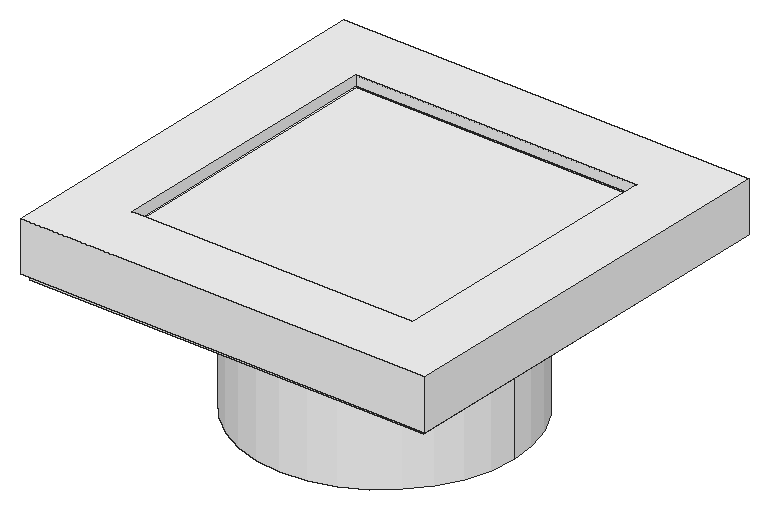
Revit family "Gira_012626", category Electrical Fixtures, host Face, Revit 2017
Family settings
  Host = Face
  Maintain Annotation Orientation = Yes
  Round Connector Dimension = Use Diameter
  Part Type = Normal
  Cut with Voids When Loaded = No
  Shared = No
  Room Calculation Point = No
Parameters (values of type "Tastschalter AusWe System 55 F Alu")
  Zusammenstellung = "Basiselement mit zentraler Abdeckplatte"
  White [instance] = White
  Werkstoffgüte = "Thermoplast"
  Werkstoff = "sonstige"
  Waschmaschinenschalter = "No"
  URL = "http://katalog.gira.de/de_DE/datenblatt.html?artikelnr=012626"
  Textfeld/Beschriftungsfläche = "nein"
  Tastschalter = "Yes"
  Schaltungsart = "Wechselschalter"
  Rückmeldekontakt = "No"
  Region = "DE"
  Oberfläche = "sonstige"
  Nennspannung = "250 Volt"
  Name = "Tastschalter AusWe System 55 F Alu"
  Montageart = "unter Putz"
  Model = "Sys55_Komplettgerät_Schalten und Tasten"
  Mit Montageplatte = "No"
  Manufacturer URL = "https://www.gira.de/"
  HeinzeBIM = "https://bimportal.heinze.de/bim/tastschalter-auswe-system-55-f-alu/f744a09d2c09125f4eb2e11679c08ce72b382a0a"
  Halogenfrei = "No"
  HAN = "012626"
  Geeignet für Schutzart (IP) = "IP20"
  GTIN = "4010337126263"
  Farbe = "aluminium"
  Default Elevation = 1219.2 mm
  Data sheet (1) = "https://katalog.gira.de/de_DE/download.html?artikelnr=012626"
  Category = "Installationsschalter"
  Bemessungsstrom = "10 Ampere"
  Beleuchtung = "nein"
  Befestigungsart = "Krallen-/Schraubbefestigung"
  Bedienungsart = "Wippe/Taste"
  Available = "Yes"
  Anzahl der Module (bei Modulbauweise) = "1 "
  Anzahl der Betätigungswippen = "1 "
  Anschlussart = "Steckklemme"
Reference planes
  plane 1 "Center (Front/Back)": y = 0
  plane 2: z = 0
  plane 3 "Center (Left/Right)": x = 0
Forms (mm)
  Extrusion 1, solid, material "White" <- "White", detail levels medium
    sketch origin (0, 0, 0) x (1, 0, 0) y (0, 1, 0)
      loop
        line (-40.4, 40.4) -> (-40.4, -40.4) -> (40.4, -40.4) -> (40.4, 40.4) -> (-40.4, 40.4)
      loop
        line (-28, 28) -> (-28, -28) -> (28, -28) -> (28, 28) -> (-28, 28)
    from 0 to 10
  Extrusion 2, solid, material "White" <- "White", detail levels fine
    sketch origin (0, 0, 0) x (1, 0, 0) y (0, 1, 0)
      loop
        line (-40.4, 40.4) -> (-40.4, -40.4) -> (40.4, -40.4) -> (40.4, 40.4) -> (-40.4, 40.4)
      loop
        line (-28, 28) -> (-28, -28) -> (28, -28) -> (28, 28) -> (-28, 28)
    from 0 to 10
  Extrusion 3, void
    sketch origin (0, 0, 0) x (1, 0, 0) y (0, 1, 0)
      loop
        line (-38.4, 38.4) -> (-38.4, -38.4) -> (38.4, -38.4) -> (38.4, 38.4) -> (-38.4, 38.4)
    from 0 to 8
  Extrusion 4, solid, material "White" <- "White", detail levels medium+fine
    sketch origin (0, 0, 0) x (1, 0, 0) y (0, 1, 0)
      loop
        line (-39.4, 39.4) -> (-39.4, -39.4) -> (39.4, -39.4) -> (39.4, 39.4) -> (-39.4, 39.4)
    from 0 to -1
  Extrusion 5, solid, material "White" <- "White", detail levels medium+fine
    sketch origin (0, 0, 0) x (1, 0, 0) y (0, 1, 0)
      loop
        line (-35.5, 35.5) -> (-35.5, -35.5) -> (35.5, -35.5) -> (35.5, 35.5) -> (-35.5, 35.5)
    from -2 to -3
  Extrusion 6, solid, material "White" <- "White", detail levels medium+fine
    sketch origin (0, 0, 0) x (1, 0, 0) y (0, 1, 0)
      loop
        circle (0, 0) r 26
    from 0 to -27.5
  Extrusion 7, solid, material "White" <- "White", detail levels coarse
    sketch origin (0, 0, 0) x (1, 0, 0) y (0, 1, 0)
      loop
        line (-40.4, 40.4) -> (-40.4, -40.4) -> (40.4, -40.4) -> (40.4, 40.4) -> (-40.4, 40.4)
    from -27.5 to 10
Cuts and joins
  Extrusion 3 cuts Extrusion 2
Dimensions and locks
  aligned and locked: plane 2 to host face
  aligned and locked: level to host face
  aligned and locked: plane 3 "Center (Left/Right)" to nested 2
  aligned and locked: plane 1 "Center (Front/Back)" to nested 2
Nested families
  nested 1: "Sys55_Abdeckung_Schalten und Tasten_floor_base" at (0, 0, 0), type "Sys55_Abdeckung_Schalten und Tasten_floor_base"
  nested 2: "Schalter" at (0, 0, 0), type "Schalter"
Connectors
  electrical at (0, 0, -27.5)
    settings: on Extrusion 6, index 1, voltage 220 V, apparent load 0 VA, apparent load phase1 0 VA, apparent load phase2 0 VA, apparent load phase3 0 VA, power factor 1, load classification "Other", number of poles 1, system type 30, power factor state 1, is connector primary yes, connector utility no, sub classification motor no, connector description ""
Definition of nested family "Sys55_Abdeckung_Schalten und Tasten_floor_base"
  Parameters
    Default Elevation = 1219.2 mm
    White [instance] = none
  Reference planes
    plane 1 "Center (Front/Back)": y = 0
    plane 2: z = 0
    plane 3 "Center (Left/Right)": x = 0
  Forms (mm)
    Extrusion 1, solid
      sketch origin (0, 0, 0) x (1, 0, 0) y (0, 1, 0)
        loop
          line (-1219.2, 1219.2) -> (-1219.2, -1219.2) -> (1219.2, -1219.2) -> (1219.2, 1219.2) -> (-1219.2, 1219.2)
      from 0 to -304.8
    Extrusion 2, solid, material <- "White", detail levels fine
      sketch origin (0, 0, 0) x (1, 0, 0) y (0, 1, 0)
        loop
          line (-27.5, 27.5) -> (-27.5, -27.5) -> (27.5, -27.5) -> (27.5, 27.5) -> (-27.5, 27.5)
      from 0 to 8
    Extrusion 3, void
      sketch origin (0, 0, 0) x (1, 0, 0) y (0, 1, 0)
        loop
          line (26, 26) -> (-26, 26) -> (-26, -26) -> (26, -26) -> (26, 26)
      from 0 to 6
    Extrusion 4, solid, material <- "White", detail levels medium
      sketch origin (0, 0, 0) x (1, 0, 0) y (0, 1, 0)
        loop
          line (-27.5, 27.5) -> (-27.5, -27.5) -> (27.5, -27.5) -> (27.5, 27.5) -> (-27.5, 27.5)
      from 0 to 8
    Extrusion 5, solid, material <- "White", detail levels medium
      sketch origin (0, 0, 0) x (1, 0, 0) y (0, 1, 0)
        loop
          line (11, -17.5) -> (11, 17.5) -> (-11, 17.5) -> (-11, -17.5) -> (11, -17.5)
      from -6 to 6
    Extrusion 6, solid, material <- "White", detail levels fine
      sketch origin (0, 0, 0) x (1, 0, 0) y (0, 1, 0)
        loop
          line (11, 17.5) -> (-11, 17.5) -> (-11, 16.5) -> (11, 16.5) -> (11, 17.5)
        loop
          line (-11, -16.5) -> (-11, -17.5) -> (11, -17.5) -> (11, -16.5) -> (-11, -16.5)
      from -4 to 6
    Extrusion 7, solid, material <- "White", detail levels fine
      sketch origin (0, 0, 0) x (1, 0, 0) y (0, 1, 0)
        loop
          arc (5, 9.347) -> (0, 10.6) -> (-5, 9.347) r 10.6
          line (-5, 9.347) -> (-5, -9.347)
          arc (-5, -9.347) -> (0, -10.6) -> (5, -9.347) r 10.6
          line (5, -9.347) -> (5, 9.347)
      from -6 to 6
    Extrusion 8, solid, material <- "White", detail levels coarse
      sketch origin (0, 0, 0) x (1, 0, 0) y (0, 1, 0)
        loop
          line (-27.5, 27.5) -> (-27.5, -27.5) -> (27.5, -27.5) -> (27.5, 27.5) -> (-27.5, 27.5)
      from -6 to 8
  Cuts and joins
    Extrusion 3 cuts Extrusion 2
  Dimensions and locks
    aligned and locked: plane 2 to Extrusion 1
    aligned and locked: level to Extrusion 1
Definition of nested family "Schalter"
  Reference planes
    plane 1: y = 0
    plane 2: x = 0
  Lines and regions (mm)
    detail lines
      curve 1: circle (1.375, 2.778, 0) r 0.8 normal (0, 0, 1)
      curve 2: line (1.021, 2.061, 0) -> (0, 0, 0)
      curve 3: line (0, 0, 0) -> (-0.538, 0.266, 0)
  Dimensions and locks
    curve 2 to curve 2 = 2.3 mm
    curve 3 to curve 2 = 0.6 mm
    radius of curve 1 = 0.8 mm
